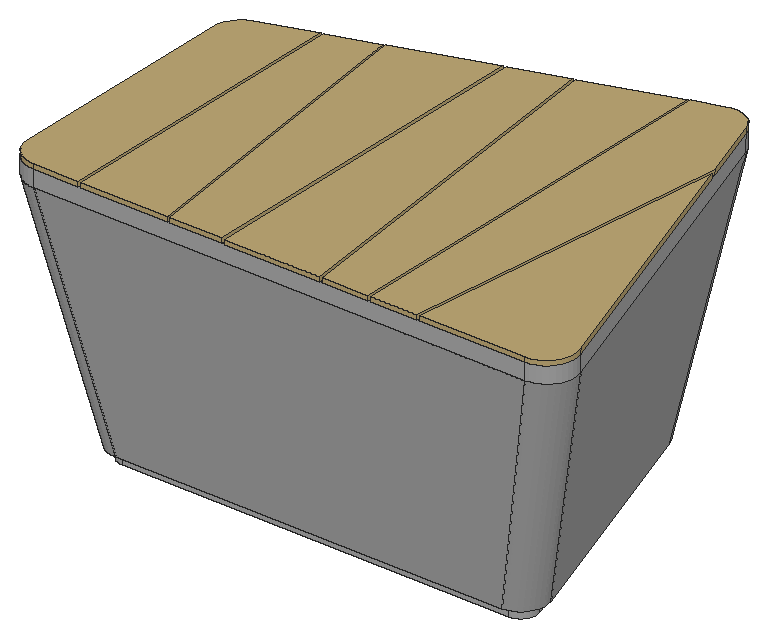
Revit family "L-FUR_벤치_YB-325_예건", category 일반 모델, Revit 2021
Family settings
  보강 철근 호스트 가능 = 아니오
  원형 커넥터 치수 = 지름 사용
  부품 유형 = 보통
  작업 기준면 기반 = 아니오
  항상 수직 = 예
  로드될 때 보이드를 사용하여 절단 = 아니오
  공유 = 아니오
  룸 계산 점 = 아니오
Parameters
  한국산업규격KS = ""
  조달청표준공사코드-세부공종 = ""
  기본 입면도 = 0 mm
  건설정보분류체계-부위분류 = "E943"
  LIM_INFO_주의사항 = "재배포, 재가공, 판매 금지"
  LIM_INFO_제품업체 = "예건"
  LIM_INFO_제품번호 = "YF-16"
  LIM_INFO_제품명 = "펜스_YF-16"
  LIM_INFO_제작일 = "20230315"
  LIM_INFO_재료 = "Hardwood, STL-pipe, STL-plate"
  LIM_INFO_업체정보 = ""
  LIM_INFO_업체URL = "https://yekun.com/"
  LIM_INFO_업체TEL = "(+82)31-943-6114"
  LIM_INFO_업체EMAIL = "yekun@yekun.com"
  LIM_INFO_버전 = "2023_V01"
  LIM_INFO_기타정보 = ""
  LIM_INFO_규격 = "W2000 x H1800"
  LIM_INFO_가격 = 0
  LIM_INFO_PV_포장재여부 = yes
  LIM_INFO_PV_면적 = 0.00 m²
  KBIMS_식별-버전 = ""
  KBIMS_식별-bSK등록번호 = ""
  KBIMS_보급정보-저작자 = "림인포테크_MMJ"
  KBIMS_보급정보-보급코드 = ""
Reference planes
  plane 1 "중심(앞/뒤)": y = 0
  plane 2: z = 0
  plane 3 "중심(왼쪽/오른쪽)": x = 0
Dimensions and locks
  aligned and locked: level to plane 2
Nested families
  nested 1: "YB-325_base" at (0, 0, 0), type "YB-325_base"
Definition of nested family "YB-325_base"
  Parameters (values of type "YB-325_base")
    Default Elevation = 0 mm
  Reference planes
    plane 1 "중심(앞/뒤)": y = 0
    plane 2: z = 0
    plane 3 "중심(왼쪽/오른쪽)": x = 0
  Forms (mm)
    Blend 1, solid, detail levels fine
      base sketch origin (-0.09, 0, 0) x (1, 0, 0) y (0, 1, 0)
        loop
          arc (115.25, 448.781) -> (93.421, 432.731) -> (85.098, 406.947) r 44.097
          line (85.098, 406.947) -> (85.098, 129.104)
          arc (85.098, 129.104) -> (98.013, 97.923) -> (129.194, 85.007) r 44.097
          line (129.194, 85.007) -> (820.968, 85.007)
          arc (820.968, 85.007) -> (856.741, 103.32) -> (862.802, 143.049) r 44.097
          line (862.802, 143.049) -> (710.271, 600.639)
          arc (710.271, 600.639) -> (688.158, 626.136) -> (654.493, 628.528) r 44.097
          line (654.493, 628.528) -> (115.25, 448.781)
      top sketch origin (-0.09, 0, 0) x (1, 0, 0) y (0, 1, 0)
        loop
          line (702.656, 734.189) -> (34.279, 511.396)
          arc (34.279, 511.396) -> (9.528, 493.198) -> (0.09, 463.962) r 50
          line (0.09, 463.962) -> (0.09, 50)
          arc (0.09, 50) -> (14.735, 14.645) -> (50.09, 0) r 50
          line (50.09, 0) -> (930.719, 0)
          arc (930.719, 0) -> (971.281, 20.764) -> (978.153, 65.811) r 50
          line (978.153, 65.811) -> (765.902, 702.566)
          arc (765.902, 702.566) -> (740.828, 731.476) -> (702.656, 734.189) r 50
      from 20 to 462
    Extrusion 2, solid, detail levels fine
      sketch origin (-0.09, 0, 0) x (1, 0, 0) y (0, 1, 0)
        loop
          arc (34.279, 511.396) -> (9.528, 493.198) -> (0.09, 463.962) r 50
          line (0.09, 463.962) -> (0.09, 50)
          arc (0.09, 50) -> (14.735, 14.645) -> (50.09, 0) r 50
          line (50.09, 0) -> (930.719, 0)
          arc (930.719, 0) -> (971.281, 20.764) -> (978.153, 65.811) r 50
          line (978.153, 65.811) -> (765.902, 702.566)
          arc (765.902, 702.566) -> (740.828, 731.476) -> (702.656, 734.189) r 50
          line (702.656, 734.189) -> (34.279, 511.396)
        loop
          line (677.358, 683.592) -> (74.279, 482.566)
          arc (74.279, 482.566) -> (49.528, 464.367) -> (40.09, 435.132) r 50
          line (40.09, 435.132) -> (40.09, 90)
          arc (40.09, 90) -> (54.735, 54.645) -> (90.09, 40) r 50
          line (90.09, 40) -> (875.222, 40)
          arc (875.222, 40) -> (915.784, 60.764) -> (922.656, 105.811) r 50
          line (922.656, 105.811) -> (740.603, 651.969)
          arc (740.603, 651.969) -> (715.53, 680.879) -> (677.358, 683.592) r 50
      from 462 to 492
    Blend 3, solid, detail levels fine
      base sketch origin (-0.09, 0, 0) x (1, 0, 0) y (0, 1, 0)
        loop
          arc (359.319, 392.124) -> (342.458, 379.727) -> (336.028, 359.81) r 34.062
          line (336.028, 359.81) -> (336.028, 250)
          arc (336.028, 250) -> (346.005, 225.914) -> (370.09, 215.938) r 34.062
          line (370.09, 215.938) -> (526.743, 215.938)
          arc (526.743, 215.938) -> (554.375, 230.083) -> (559.057, 260.771) r 34.062
          line (559.057, 260.771) -> (510.449, 406.596)
          arc (510.449, 406.596) -> (493.367, 426.291) -> (467.363, 428.139) r 34.062
          line (467.363, 428.139) -> (359.319, 392.124)
      top sketch origin (-0.09, 0, 0) x (1, 0, 0) y (0, 1, 0)
        loop
          arc (365.643, 373.151) -> (358.682, 368.033) -> (356.028, 359.81) r 14.062
          line (356.028, 359.81) -> (356.028, 250)
          arc (356.028, 250) -> (360.147, 240.057) -> (370.09, 235.938) r 14.062
          line (370.09, 235.938) -> (526.743, 235.938)
          arc (526.743, 235.938) -> (538.151, 241.778) -> (540.083, 254.447) r 14.062
          line (540.083, 254.447) -> (491.475, 400.272)
          arc (491.475, 400.272) -> (484.423, 408.403) -> (473.688, 409.165) r 14.062
          line (473.688, 409.165) -> (365.643, 373.151)
      from 6 to 56
    Extrusion 4, solid, detail levels fine
      sketch origin (-0.09, 0, 0) x (1, 0, 0) y (0, 1, 0)
        loop
          line (659.553, 613.35) -> (120.309, 433.602)
          arc (120.309, 433.602) -> (106.401, 423.375) -> (101.098, 406.947) r 28.097
          line (101.098, 406.947) -> (101.098, 129.104)
          arc (101.098, 129.104) -> (109.327, 109.237) -> (129.194, 101.007) r 28.097
          line (129.194, 101.007) -> (820.968, 101.007)
          arc (820.968, 101.007) -> (843.761, 112.676) -> (847.623, 137.989) r 28.097
          line (847.623, 137.989) -> (695.092, 595.58)
          arc (695.092, 595.58) -> (681.003, 611.825) -> (659.553, 613.35) r 28.097
      from 0 to 20
    Extrusion 5, solid, detail levels fine
      sketch origin (6863.043, 1626.356, 0) x (1, 0, 0) y (0, 1, 0)
        loop
          line (-6728.047, -1081.358) -> (-6728.047, -1626.356) -> (-6573.045, -1626.356) -> (-6645.574, -1053.867) -> (-6728.047, -1081.358)
        loop
          line (-6733.047, -1083.024) -> (-6828.855, -1114.96)
          arc (-6828.855, -1114.96) -> (-6853.605, -1133.159) -> (-6863.043, -1162.394) r 50
          line (-6863.043, -1162.394) -> (-6863.043, -1576.356)
          arc (-6863.043, -1576.356) -> (-6848.399, -1611.712) -> (-6813.043, -1626.356) r 50
          line (-6813.043, -1626.356) -> (-6733.047, -1626.356) -> (-6733.047, -1083.024)
        loop
          line (-6640.739, -1052.255) -> (-6568.005, -1626.356) -> (-6474.733, -1626.356) -> (-6474.733, -996.92) -> (-6640.739, -1052.255)
        loop
          line (-6469.735, -995.254) -> (-6469.735, -1626.356) -> (-6299.154, -1626.356) -> (-6376.153, -964.06) -> (-6469.735, -995.254)
        loop
          line (-6371.307, -962.444) -> (-6294.121, -1626.356) -> (-6213.043, -1626.356) -> (-6213.043, -909.69) -> (-6371.307, -962.444)
        loop
          line (-6208.3, -908.109) -> (-6208.3, -1626.356) -> (-6125.904, -1626.356) -> (-6057.447, -1043.146) -> (-6097.232, -923.791)
          arc (-6097.232, -923.791) -> (-6122.305, -894.881) -> (-6160.477, -892.168) r 50
          line (-6160.477, -892.168) -> (-6208.3, -908.109)
        loop
          line (-6053.723, -1054.316) -> (-6120.87, -1626.356) -> (-5932.415, -1626.356)
          arc (-5932.415, -1626.356) -> (-5891.852, -1605.592) -> (-5884.98, -1560.545) r 50
          line (-5884.98, -1560.545) -> (-6053.723, -1054.316)
      from 492 to 500
    Blend 6, solid, detail levels coarse+medium
      base sketch origin (-0.09, 0, 0) x (1, 0, 0) y (0, 1, 0)
        loop
          line (85.098, 438.73) -> (85.098, 85.007) -> (882.149, 85.007) -> (696.327, 642.473) -> (85.098, 438.73)
      top sketch origin (-0.09, 0, 0) x (1, 0, 0) y (0, 1, 0)
        loop
          line (750.09, 750) -> (0.09, 500) -> (0.09, 0) -> (1000.09, 0) -> (750.09, 750)
      from 20 to 462
    Extrusion 7, solid, detail levels coarse+medium
      sketch origin (-0.09, 0, 0) x (1, 0, 0) y (0, 1, 0)
        loop
          line (0.09, 500) -> (0.09, 0) -> (1000.09, 0) -> (750.09, 750) -> (0.09, 500)
        loop
          line (724.792, 699.404) -> (40.09, 471.17) -> (40.09, 40) -> (944.593, 40) -> (724.792, 699.404)
      from 462 to 492
    Blend 8, solid, detail levels coarse+medium
      base sketch origin (-0.09, 0, 0) x (1, 0, 0) y (0, 1, 0)
        loop
          line (336.028, 384.361) -> (336.028, 215.938) -> (574.001, 215.938) -> (499.677, 438.911) -> (336.028, 384.361)
      top sketch origin (-0.09, 0, 0) x (1, 0, 0) y (0, 1, 0)
        loop
          line (356.028, 369.946) -> (356.028, 235.938) -> (546.253, 235.938) -> (487.028, 413.612) -> (356.028, 369.946)
      from 6 to 56
    Extrusion 9, solid, detail levels coarse+medium
      sketch origin (-0.09, 0, 0) x (1, 0, 0) y (0, 1, 0)
        loop
          line (686.208, 622.235) -> (101.098, 427.198) -> (101.098, 101.007) -> (859.95, 101.007) -> (686.208, 622.235)
      from 0 to 20
    Extrusion 10, solid, detail levels coarse+medium
      sketch origin (6863.043, 1626.356, 0) x (1, 0, 0) y (0, 1, 0)
        loop
          line (-6863.043, -1126.356) -> (-6863.043, -1626.356) -> (-5863.043, -1626.356) -> (-6113.043, -876.356) -> (-6863.043, -1126.356)
      from 492 to 500
  Dimensions and locks
    aligned and locked: level to plane 2
